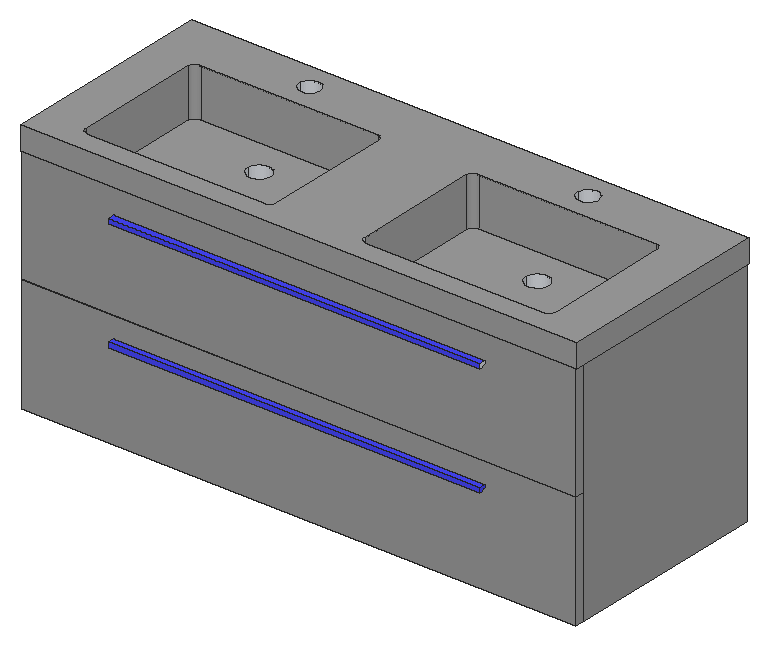
Revit family "MUEBLE SENSE 1200 DOBLE BRUSHED GREY", category Furniture, Revit 2014
Reference planes
  plane 1 "Center (Front/Back)": y = 0
  plane 2: z = 0
  plane 3 "Center (Left/Right)": x = 0
Forms (mm)
  Extrusion 1, solid
    sketch origin (0, 0, 0) x (1, 0, 0) y (0, 0, 1)
      loop
        line (0, 360) -> (1200, 360) -> (1200, 860) -> (0, 860) -> (0, 360)
    from 0 to 442
  Extrusion 2, solid
    sketch origin (0, 0, 0) x (0, 1, 0) y (0, 0, 1)
      loop
        line (-460, 860) -> (-460, 610.5) -> (-442, 610.5) -> (-442, 860) -> (-460, 860)
      loop
        line (-442, 360) -> (-442, 609.5) -> (-460, 609.5) -> (-460, 360) -> (-442, 360)
    from 0 to 1200
  Extrusion 3, solid
    sketch origin (0, 0, 0) x (0, 1, 0) y (0, 0, 1)
      loop
        line (1.672, 860) -> (1.672, 910) -> (-462, 910) -> (-462, 860) -> (1.672, 860)
    from -1.484 to 1202.886
  Extrusion 4, solid
    sketch origin (0, 0, -10) x (0, 1, 0) y (0, 0, 1)
      loop
        line (-460, 815) -> (-475, 815) -> (-475, 805) -> (-470, 805) -> (-466.464, 808.536) -> (-460, 808.536) -> (-460, 815)
    from 200 to 1002.886
  Extrusion 5, solid
    sketch origin (0, 0, -250) x (0, 1, 0) y (0, 0, 1)
      loop
        line (-460, 815) -> (-475, 815) -> (-475, 805) -> (-470, 805) -> (-466.464, 808.536) -> (-460, 808.536) -> (-460, 815)
    from 200 to 1002.886
  Extrusion 6, void
    sketch origin (-62.892, 0, 0) x (1, 0, 0) y (0, 1, 0)
      loop
        arc (569, -127) -> (564.607, -116.393) -> (554, -112) r 15
        line (554, -112) -> (171, -112)
        arc (171, -112) -> (160.393, -116.393) -> (156, -127) r 15
        line (156, -127) -> (156, -402)
        arc (156, -402) -> (160.393, -412.607) -> (171, -417) r 15
        line (171, -417) -> (554, -417)
        arc (554, -417) -> (564.607, -412.607) -> (569, -402) r 15
        line (569, -402) -> (569, -127)
    from 805 to 910
  Extrusion 7, void
    sketch origin (-62.892, 0, 0) x (1, 0, 0) y (0, 1, 0)
      loop
        circle (362.5, -55.164) r 22.5
      loop
        circle (362.5, -192) r 25
    from 555 to 910
  Extrusion 8, void
    sketch origin (539.294, 0, 0) x (1, 0, 0) y (0, 1, 0)
      loop
        arc (569, -127) -> (564.607, -116.393) -> (554, -112) r 15
        line (554, -112) -> (171, -112)
        arc (171, -112) -> (160.393, -116.393) -> (156, -127) r 15
        line (156, -127) -> (156, -402)
        arc (156, -402) -> (160.393, -412.607) -> (171, -417) r 15
        line (171, -417) -> (554, -417)
        arc (554, -417) -> (564.607, -412.607) -> (569, -402) r 15
        line (569, -402) -> (569, -127)
    from 805 to 910
  Extrusion 9, void
    sketch origin (539.294, 0, 0) x (1, 0, 0) y (0, 1, 0)
      loop
        circle (362.5, -55.164) r 22.5
      loop
        circle (362.5, -192) r 25
    from 555 to 910
Cuts and joins
  Extrusion 6, Extrusion 7, Extrusion 8, Extrusion 9 cuts Extrusion 1
  Extrusion 6, Extrusion 7, Extrusion 8, Extrusion 9 cuts Extrusion 3
  joined: Extrusion 1, Extrusion 3
Dimensions and locks
  aligned and locked: level to plane 2
